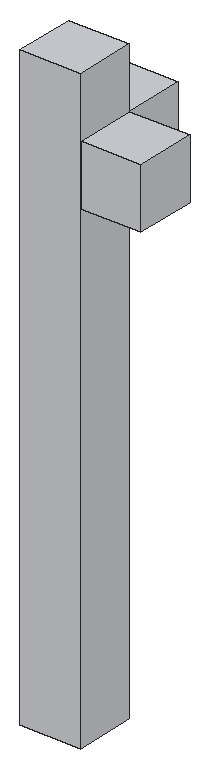
Revit family "Pilar Pre Fabricado - Aresta", category Structural Columns, Revit 2016
Family settings
  Section Shape = Not Defined
  Material for Model Behavior = Other
  Always export as geometry = No
  Beam cutback in plan = From bounding box
  OmniClass Number = 23.25.30.11.14.11
  OmniClass Title = Columns
  Cut with Voids When Loaded = No
  Symbolic Representation = From Family
  Shared = No
  Show family pre-cut in plan views = Yes
Parameters
  Structural Material [instance] = (empty or 0)
  Profundidade = 40 cm
  Largura = 40 cm
  Avanço horizontal do apoio = 60 cm
  Altura do apoio = 40 cm
  Altura da Viga = 40 cm
Reference planes (cm)
  plane 1 "Centro (Frente/Trás)": y = 0
  plane 2: z = 0
  plane 3 "Centro (Esquerda/Direita)": x = 0
  plane 4 "Esquerda": x = -20
  plane 5 "Direita": x = 20
  plane 6 "Posterior": y = 20
  plane 7 "Frente": y = -20
  plane 8: z = 360
  plane 9: z = 320
  plane 10: y = -60
  plane 11: y = 60
  plane 12: x = 60
Forms (cm)
  Extrusion 1, solid
    sketch origin (20, 0, 0) x (0, -1, 0) y (0, 0, 1)
      loop
        line (20, 0) -> (20, 400) -> (-20, 400) -> (-20, 360) -> (-60, 360) -> (-60, 320) -> (-20, 320) -> (-20, 0) -> (20, 0)
    from 0 to 40
  Extrusion 2, solid
    sketch origin (0, -20, 0) x (1, 0, 0) y (0, 0, 1)
      loop
        line (20, 360) -> (20, 320) -> (60, 320) -> (60, 360) -> (20, 360)
    from -40 to 0
Text (cm)
  text "Desenvolvido por Fernando Goes\n\n@CaradoRevit\n\nfernandogoes@outlook.com" at (123.1355, -48.1012, -75.0343), in view "Vista 1"
Dimensions and locks (cm)
  equal spacing: plane 4 "Esquerda", plane 3 "Centro (Esquerda/Direita)", plane 5 "Direita"
  equal spacing: plane 7 "Frente", plane 1 "Centro (Frente/Trás)", plane 6 "Posterior"
  "Largura": plane 4 "Esquerda" to plane 5 "Direita"
  "Profundidade": plane 7 "Frente" to plane 6 "Posterior"
  "Altura da Viga": level to plane 8
  "Altura do apoio": plane 8 to plane 9
  equal spacing: plane 10, plane 1 "Centro (Frente/Trás)", plane 11
  "Avanço horizontal do apoio": plane 1 "Centro (Frente/Trás)" to plane 11
  "Avanço horizontal do apoio": plane 12 to plane 3 "Centro (Esquerda/Direita)"
  aligned and locked: level to plane 2
  aligned and locked: level to Extrusion 1 sketch curve
  aligned and locked: Extrusion 1 sketch curve to plane 6 "Posterior"
  aligned and locked: plane 8 to Extrusion 1 sketch curve
  aligned and locked: Extrusion 1 to plane 11  (x2)
  aligned and locked: plane 4 "Esquerda" to Extrusion 1
  aligned and locked: Extrusion 1 to plane 6 "Posterior"
  aligned and locked: plane 7 "Frente" to Extrusion 1
  aligned and locked: Extrusion 1 to plane 5 "Direita"
  aligned and locked: Extrusion 1 to level
  aligned and locked: level to Extrusion 1
  aligned and locked: Extrusion 2 sketch curve to plane 5 "Direita"
  aligned and locked: plane 9 to Extrusion 2 sketch curve
  aligned and locked: Extrusion 2 sketch curve to plane 8
  aligned and locked: Extrusion 2 to plane 12
  aligned and locked: Extrusion 2 to Extrusion 1
  aligned and locked: Extrusion 1 to Extrusion 2
  aligned and locked: Extrusion 1 to Extrusion 1
Automatic sketch dimensions
  Extrusion 1 sketch curve to plane 6 "Posterior" = 40 cm
  level to Extrusion 1 sketch curve = 0 cm
  plane 6 "Posterior" to Extrusion 1 sketch curve = 0 cm
  Extrusion 1 sketch curve to plane 9 = 0 cm
  Extrusion 1 sketch curve to plane 7 "Frente" = 0 cm
  Extrusion 2 sketch curve to Extrusion 2 sketch curve = 40 cm
